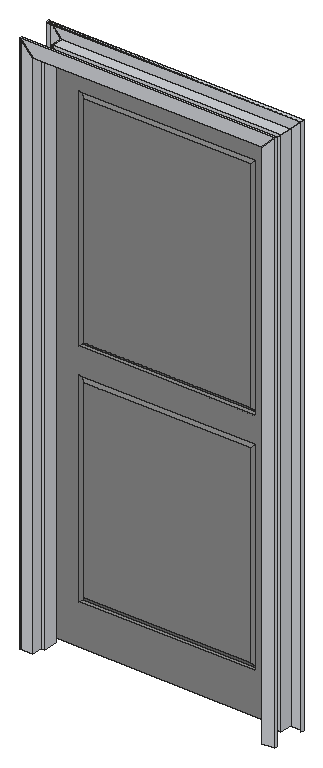
Revit family "Ext-Embossed-Door-MDMF-2-Panel-36 x 84", category Doors, host Wall, Revit 2014
Parameters (values of type "Ext-E-MDMF-2-Panel-36" x 84"")
  Width = Door Panel Width  # 3' - 0"
  Wall Thickness [instance] = 0' - 5 3/4"
  URL = ""
  Type Comments = "EXT,"
  Thickness = 0' - 1 3/4"
  Swing Angle [instance] = 90.00°
  SDI RO Spacing = 0' - 0"
  SDI Panel 1 Width = Leaf Width + 0' 0 3/16"  # 3' - 0"
  SDI No Panels = ""
  SDI HW Set [instance] = ""
  SDI HW Item LO-2 [instance] = ""
  SDI HW Item LO-1 [instance] = ""
  SDI HW Item KP-2 [instance] = ""
  SDI HW Item KP-1 [instance] = ""
  SDI HW Item HI-2 [instance] = ""
  SDI HW Item HI-1 [instance] = ""
  SDI HW Item HC-2 [instance] = ""
  SDI HW Item HC-1 [instance] = ""
  SDI HW Item ED-2 [instance] = ""
  SDI HW Item ED-1 [instance] = ""
  SDI HW Item DO-2 [instance] = ""
  SDI HW Item DO-1 [instance] = ""
  SDI HW Item CL-2 [instance] = ""
  SDI HW Item CL-1 [instance] = ""
  SDI Glass Material = Glass
  SDI Frame Type = "3 Piece"
  SDI Frame Material Type = "Hollow Metal"
  SDI Frame Material = Paint - Generic - Prime
  SDI Frame Manufacturer = ""
  SDI Frame Jamb Width = 0' - 2"
  SDI Frame Head Width = 0' - 2"
  SDI Frame Finish Type = "Painted"
  SDI Frame Finish Color = "Prime"
  SDI Frame Depth [instance] = 0' - 5 3/4"
  SDI Family Version = "1.0"
  SDI Door Top Rail Width = 0' - 7 3/4"
  SDI Door Stile Width = 0' - 6"
  SDI Door Panel Type = "N"
  SDI Door Material Type = "Hollow Metal"
  SDI Door Material = Paint - Generic - Prime
  SDI Door Manufacturer = ""
  SDI Door Glass Type = "1/4\" Tempered"
  SDI Door Finish Type = "Painted"
  SDI Door Finish Color = "Prime"
  SDI Door Configuration = "SG"
  SDI Door Bottom Rail Width = 5' - 0"
  SDI Arch Frame Type [instance] = ""
  SDI Arch Frame Material Type [instance] = "HM"
  SDI Arch Door Panel Type [instance] = "N"
  SDI Arch Door Material Type [instance] = "HM"
  Rough Width = Frame Width - 0' 0" + 2 * SDI RO Spacing  # 3' - 4"
  Rough Height = Frame Height - 0' 0" + SDI RO Spacing  # 7' - 2"
  R1 Height = 7' - 0"
  P1 Width = 3' - 2"
  Model = "Ext-E-MDMF-2-Panel-36\" x 84\""
  Manufacturer = ""
  Leaf Width = P1 Width - 0' 2 3/16"  # 2' - 11 13/16"
  Height = Door Panel Height  # 7' - 0"
  Glass Offset [instance] = 0' 2 1/16" + (SDI Frame Depth - 0' 5 3/4") / 2  # 0' - 2 1/16"
  Function = Exterior
  Frame Width = P1 Width + 0' 2"  # 3' - 4"
  Frame Offset [instance] = if(Aligned Exterior, SDI Frame Depth / 2, if(Aligned Center, Wall Thickness / 2, if(Aligned Interior, Wall Thickness - SDI Frame Depth + SDI Frame Depth / 2, Aligned Other)))  # 0' - 2 7/8"
  Frame Height = R1 Height + 0' 2"  # 7' - 2"
  Fire Rating = ""
  Exterior Glazing [instance] = no
  Door Panel Width = P1 Width - 0' 2"  # 3' - 0"
  Door Panel Height = R1 Height + 0' 2" - (0' 2")  # 7' - 0"
  Door Offset [instance] = 0' 2 13/16" + (SDI Frame Depth - 0' 5 3/4") / 2  # 0' - 2 13/16"
  Description = "Hollow Metal Door with Hollow Metal Frame 2 Panel"
  Cost = 0
  Assembly Code = "B2030120"
  Analytic Construction = "<None>"
  Aligned Other [instance] = 0' - 0"
  Aligned Interior [instance] = no
  Aligned Exterior [instance] = yes
  Aligned Center [instance] = no
  ADA Clearance Lines = no
Reference planes (in)
  plane 1: y = 0
  plane 2 "Center (Left/Right)": x = 0
  plane 3 "Wall Edge": y = 2.875
  plane 4 "Wall Interior": y = -2.875
  plane 5 "ModelRefLevel": z = 0
  plane 6 "FrameDepthPlane": y = 0
  plane 7 "FrameFront": y = 2.875
  plane 8 "FrameBack": y = -2.875
  plane 9 "V0": x = 19
  plane 10 "V1": x = -19
  plane 11 "H0": z = 1
  plane 12 "H1": z = 85
  plane 13 "DoorLeft": x = 18
  plane 14 "DoorRight": x = -18
  plane 15 "DoorCenter": x = 0
  plane 16 "DoorTop": z = 83.875
  plane 17 "DoorCenterTB": z = 41.9375
  plane 18 "DoorExtFace": y = 2.8125
  plane 19 "DoorGlassFace": y = 2.0625
  plane 20 "LockCenterLine": z = 32.5625
  plane 21 "DoorExtFace1": y = 2.0625
  plane 22 "GlassRight1": x = -11.90625
  plane 23 "ActDoorLeft": x = 17.90625
  plane 24 "SwingClrPlane": y = 62.875
  plane 25 "SwingPartialPlane": y = 50.875
  plane 26: x = -7.90625
  plane 27: x = -11.90625
  plane 28: z = 76.125
  plane 29: z = 51.125
  plane 30: z = 79
  plane 31: z = 7
  plane 32: z = 39
  plane 33: x = 13.90625
  plane 34: x = -13.90625
  plane 35: z = 43
  plane 36: z = 43
Forms (in)
  Extrusion 1, solid
    sketch origin (138.6875, 0, 43) x (-1, 0, 0) y (0, -1, 0)
      loop
        line (118.6875, -2.375) -> (118.6875, -2.875) -> (120.6875, -2.875) -> (120.6875, -0.9375) -> (121.3125, -0.9375) -> (121.3125, 1.3125) -> (120.6875, 1.3125) -> (120.6875, 2.875) -> (118.6875, 2.875) -> (118.6875, 2.4375) -> (118.75, 2.4375) -> (118.75, 2.8125) -> (120.625, 2.8125) -> (120.625, 1.25) -> (121.25, 1.25) -> (121.25, -0.875) -> (120.625, -0.875) -> (120.625, -2.8125) -> (118.75, -2.8125) -> (118.75, -2.375) -> (118.6875, -2.375)
    from -43 to 43
  Extrusion 2, void
    sketch origin (0, 2.875, 0) x (1, 0, 0) y (0, 0, 1)
      loop
        line (20, 86) -> (17.375, 86) -> (17.375, 83.375) -> (20, 86)
    from -12 to 12
  Extrusion 3, solid
    sketch origin (101.3125, 0, 43) x (-1, 0, 0) y (0, -1, 0)
      loop
        line (121.25, -2.375) -> (121.25, -2.8125) -> (119.375, -2.8125) -> (119.375, -0.875) -> (118.75, -0.875) -> (118.75, 1.25) -> (119.375, 1.25) -> (119.375, 2.8125) -> (121.25, 2.8125) -> (121.25, 2.4375) -> (121.3125, 2.4375) -> (121.3125, 2.875) -> (119.3125, 2.875) -> (119.3125, 1.3125) -> (118.6875, 1.3125) -> (118.6875, -0.9375) -> (119.3125, -0.9375) -> (119.3125, -2.875) -> (121.3125, -2.875) -> (121.3125, -2.375) -> (121.25, -2.375)
    from -43 to 43
  Extrusion 4, void
    sketch origin (0, 2.875, 0) x (1, 0, 0) y (0, 0, 1)
      loop
        line (-20, 86) -> (-17.375, 83.375) -> (-17.375, 86) -> (-20, 86)
    from -12 to 12
  Extrusion 5, solid
    sketch origin (0, 0, 84.6875) x (0, 1, 0) y (0, 0, 1)
      loop
        line (2.375, 1.25) -> (2.8125, 1.25) -> (2.8125, -0.625) -> (0.875, -0.625) -> (0.875, -1.25) -> (-1.25, -1.25) -> (-1.25, -0.625) -> (-2.8125, -0.625) -> (-2.8125, 1.25) -> (-2.4375, 1.25) -> (-2.4375, 1.3125) -> (-2.875, 1.3125) -> (-2.875, -0.6875) -> (-1.3125, -0.6875) -> (-1.3125, -1.3125) -> (0.9375, -1.3125) -> (0.9375, -0.6875) -> (2.875, -0.6875) -> (2.875, 1.3125) -> (2.375, 1.3125) -> (2.375, 1.25)
    from -20 to 20
  Extrusion 6, void
    sketch origin (0, 2.875, 0) x (1, 0, 0) y (0, 0, 1)
      loop
        line (-20, 86) -> (-20, 83.375) -> (-17.375, 83.375) -> (-20, 86)
    from -12 to 12
  Extrusion 7, void
    sketch origin (0, 2.875, 0) x (1, 0, 0) y (0, 0, 1)
      loop
        line (20, 86) -> (17.375, 83.375) -> (20, 83.375) -> (20, 86)
    from -12 to 12
  Extrusion 8, solid, material "Paint - Generic - Prime" <- "SDI Door Material"
    sketch origin (-60, 2.8125, -12) x (1, 0, 0) y (0, 0, 1)
      loop
        line (77.90625, 12.625) -> (77.90625, 95.875) -> (42.09375, 95.875) -> (42.09375, 12.625) -> (77.90625, 12.625)
    from 0 to 1.75
  Sweep 9, void
    path origin (0, 2.875, 0) x (1, 0, 0) y (0, 0, 1)
      loop
        line (13.90625, 79) -> (-13.90625, 79) -> (-13.90625, 43) -> (13.90625, 43) -> (13.90625, 79)
    profile origin (13.90625, 2.875, 61) x (0, -1, 0) y (1, 0, 0)
      loop
        line (0, 0) -> (0, -0.92134) -> (0.5, -0.23315) -> (0, 0)
      loop
        line (1.875, 0) -> (1.375, -0.23315) -> (1.875, -0.92134) -> (1.875, 0)
  Sweep 10, void
    path origin (0, 2.875, 0) x (1, 0, 0) y (0, 0, 1)
      loop
        line (13.90625, 39) -> (-13.90625, 39) -> (-13.90625, 7) -> (13.90625, 7) -> (13.90625, 39)
    profile origin (13.90625, 2.875, 23) x (0, -1, 0) y (1, 0, 0)
      loop
        line (0, 0) -> (0, -0.92134) -> (0.5, -0.23315) -> (0, 0)
      loop
        line (1.875, 0) -> (1.375, -0.23315) -> (1.875, -0.92134) -> (1.875, 0)
Cuts and joins
  Extrusion 2 cuts Extrusion 1
  Extrusion 4 cuts Extrusion 3
  Extrusion 6, Extrusion 7 cuts Extrusion 5
  Sweep 9, Sweep 10 cuts Extrusion 8
Lines and regions (in)
  Opening 1
    outline origin (-60, -2.875, 0) x (1, 0, 0) y (0, 0, 1)
      loop
        line (80, 0) -> (80, 86) -> (40, 86) -> (40, 0) -> (80, 0)
  symbolic lines, style "DoorsFrameMullionProjection", detail levels fine
    curve 1: line (20, 2.375, 0) -> (20, 2.875, 0)
    curve 2: line (20, 2.875, 0) -> (18, 2.875, 0)
    curve 3: line (18, 2.875, 0) -> (18, 0.9375, 0)
    curve 4: line (18, 0.9375, 0) -> (17.375, 0.9375, 0)
    curve 5: line (17.375, 0.9375, 0) -> (17.375, -1.3125, 0)
    curve 6: line (17.375, -1.3125, 0) -> (18, -1.3125, 0)
    curve 7: line (18, -1.3125, 0) -> (18, -2.875, 0)
    curve 8: line (18, -2.875, 0) -> (20, -2.875, 0)
    curve 9: line (20, -2.875, 0) -> (20, -2.4375, 0)
    curve 10: line (20, -2.4375, 0) -> (19.9375, -2.4375, 0)
    curve 11: line (19.9375, -2.4375, 0) -> (19.9375, -2.8125, 0)
    curve 12: line (19.9375, -2.8125, 0) -> (18.0625, -2.8125, 0)
    curve 13: line (18.0625, -2.8125, 0) -> (18.0625, -1.25, 0)
    curve 14: line (18.0625, -1.25, 0) -> (17.4375, -1.25, 0)
    curve 15: line (17.4375, -1.25, 0) -> (17.4375, 0.875, 0)
    curve 16: line (17.4375, 0.875, 0) -> (18.0625, 0.875, 0)
    curve 17: line (18.0625, 0.875, 0) -> (18.0625, 2.8125, 0)
    curve 18: line (18.0625, 2.8125, 0) -> (19.9375, 2.8125, 0)
    curve 19: line (19.9375, 2.8125, 0) -> (19.9375, 2.375, 0)
    curve 20: line (19.9375, 2.375, 0) -> (20, 2.375, 0)
    curve 25: line (-19.9375, 2.375, 0) -> (-19.9375, 2.8125, 0)
    curve 26: line (-19.9375, 2.8125, 0) -> (-18.0625, 2.8125, 0)
    curve 27: line (-18.0625, 2.8125, 0) -> (-18.0625, 0.875, 0)
    curve 28: line (-18.0625, 0.875, 0) -> (-17.4375, 0.875, 0)
    curve 29: line (-17.4375, 0.875, 0) -> (-17.4375, -1.25, 0)
    curve 30: line (-17.4375, -1.25, 0) -> (-18.0625, -1.25, 0)
    curve 31: line (-18.0625, -1.25, 0) -> (-18.0625, -2.8125, 0)
    curve 32: line (-18.0625, -2.8125, 0) -> (-19.9375, -2.8125, 0)
    curve 33: line (-19.9375, -2.8125, 0) -> (-19.9375, -2.4375, 0)
    curve 34: line (-19.9375, -2.4375, 0) -> (-20, -2.4375, 0)
    curve 35: line (-20, -2.4375, 0) -> (-20, -2.875, 0)
    curve 36: line (-20, -2.875, 0) -> (-18, -2.875, 0)
    curve 37: line (-18, -2.875, 0) -> (-18, -1.3125, 0)
    curve 38: line (-18, -1.3125, 0) -> (-17.375, -1.3125, 0)
    curve 39: line (-17.375, -1.3125, 0) -> (-17.375, 0.9375, 0)
    curve 40: line (-17.375, 0.9375, 0) -> (-18, 0.9375, 0)
    curve 41: line (-18, 0.9375, 0) -> (-18, 2.875, 0)
    curve 42: line (-18, 2.875, 0) -> (-20, 2.875, 0)
    curve 43: line (-20, 2.875, 0) -> (-20, 2.375, 0)
    curve 44: line (-20, 2.375, 0) -> (-19.9375, 2.375, 0)
  symbolic lines, style "DoorsFrameMullionProjection", detail levels coarse+medium
    curve 21: line (18, -2.875, 0) -> (20, -2.875, 0)
    curve 22: line (18, 2.875, 0) -> (20, 2.875, 0)
    curve 23: line (18, -2.875, 0) -> (18, 2.875, 0)
    curve 24: line (20, -2.875, 0) -> (20, 2.875, 0)
    curve 45: line (-20, -2.875, 0) -> (-18, -2.875, 0)
    curve 46: line (-20, 2.875, 0) -> (-18, 2.875, 0)
    curve 47: line (-20, -2.875, 0) -> (-20, 2.875, 0)
    curve 48: line (-18, -2.875, 0) -> (-18, 2.875, 0)
  symbolic lines, style "Elevation Swing"
    curve 49: line (-17.90625, 2.875, 83.875) -> (17.90625, 2.875, 41.9375)
    curve 50: line (-17.90625, 2.875, 0) -> (17.90625, 2.875, 41.9375)
  symbolic lines, style "ADA Clearance", visible <- "ADA Clearance Lines"
    curve 51: line (20, 2.875, 0) -> (20, 62.875, 0)
    curve 52: line (-36, 62.875, 0) -> (20, 62.875, 0)
    curve 53: line (-36, 50.875, 0) -> (20, 50.875, 0)
    curve 54: line (-36, 2.875, 0) -> (-36, 62.875, 0)
    curve 55: line (20, -2.875, 0) -> (20, -50.875, 0)
    curve 56: line (-30, -50.875, 0) -> (20, -50.875, 0)
    curve 57: line (-30, -2.875, 0) -> (-30, -50.875, 0)
Text (in)
  text "Placement Side" at (0, 40.15149, 123.01588), in view "Right"
  text "Placement Side" at (-70.3804, 28.46503, 0), in view "Ref. Level"
  text "Placement Side" at (0, 81.62555, 140.59947), in view "Left"
Dimensions and locks (in)
  locked: plane 3 "Wall Edge" to host wall
  equal spacing: host wall, plane 2 "Center (Left/Right)", host wall
  "Rough Width": host wall to host wall
  "Rough Height": level to host wall
  equal spacing: plane 3 "Wall Edge", plane 1, plane 4 "Wall Interior"
  "Wall Thickness": host wall to host wall
  "Frame Offset": plane 3 "Wall Edge" to plane 6 "FrameDepthPlane"
  equal spacing: plane 7 "FrameFront", plane 6 "FrameDepthPlane", plane 8 "FrameBack"
  "SDI Frame Depth": plane 7 "FrameFront" to plane 8 "FrameBack"
  equal spacing: plane 9 "V0", plane 2 "Center (Left/Right)", plane 10 "V1"
  "P1 Width": plane 9 "V0" to plane 10 "V1"
  "R1 Height": plane 11 "H0" to plane 12 "H1"
  locked: plane 12 "H1" to Extrusion 1 at 1
  locked: plane 11 "H0" to Extrusion 1 at 1
  locked: plane 9 "V0" to Extrusion 1 at 1  (x4)
  locked: plane 9 "V0" to Extrusion 1 at 0.9375  (x5)
  locked: plane 9 "V0" to Extrusion 1 at 1.5625
  locked: plane 9 "V0" to Extrusion 1 at 1.625
  locked: plane 12 "H1" to Extrusion 3 at 1
  locked: plane 11 "H0" to Extrusion 3 at 1
  locked: plane 10 "V1" to Extrusion 3 at 0.9375  (x4)
  locked: plane 10 "V1" to Extrusion 3 at 1  (x5)
  locked: plane 10 "V1" to Extrusion 3 at 1.625
  locked: plane 10 "V1" to Extrusion 3 at 1.5625
  locked: plane 9 "V0" to Extrusion 5 at 1
  locked: plane 10 "V1" to Extrusion 5 at 1
  locked: plane 12 "H1" to Extrusion 5 at 0.9375  (x5)
  locked: plane 12 "H1" to Extrusion 5 at 1.5625
  locked: plane 12 "H1" to Extrusion 5 at 1  (x4)
  locked: plane 12 "H1" to Extrusion 5 at 1.625
  locked: plane 7 "FrameFront" to cut or joined group of Extrusion 1, Extrusion 2 at 1.9375
  locked: plane 7 "FrameFront" to cut or joined group of Extrusion 1, Extrusion 2 at 2
  locked: plane 7 "FrameFront" to cut or joined group of Extrusion 1, Extrusion 2 at 0.0625
  locked: plane 7 "FrameFront" to cut or joined group of Extrusion 1, Extrusion 2 at 0.5
  locked: plane 8 "FrameBack" to cut or joined group of Extrusion 1, Extrusion 2 at 1.5625
  locked: plane 8 "FrameBack" to cut or joined group of Extrusion 1, Extrusion 2 at 0.4375
  locked: plane 8 "FrameBack" to cut or joined group of Extrusion 1, Extrusion 2 at 0.0625
  locked: plane 8 "FrameBack" to cut or joined group of Extrusion 1, Extrusion 2 at 1.625
  locked: plane 7 "FrameFront" to cut or joined group of Extrusion 3, Extrusion 4 at 0.0625
  locked: plane 7 "FrameFront" to cut or joined group of Extrusion 3, Extrusion 4 at 2
  locked: plane 7 "FrameFront" to cut or joined group of Extrusion 3, Extrusion 4 at 1.9375
  locked: plane 7 "FrameFront" to cut or joined group of Extrusion 3, Extrusion 4 at 0.5
  locked: plane 8 "FrameBack" to cut or joined group of Extrusion 3, Extrusion 4 at 1.625
  locked: plane 8 "FrameBack" to cut or joined group of Extrusion 3, Extrusion 4 at 0.0625
  locked: plane 8 "FrameBack" to cut or joined group of Extrusion 3, Extrusion 4 at 0.4375
  locked: plane 8 "FrameBack" to cut or joined group of Extrusion 3, Extrusion 4 at 1.5625
  locked: plane 7 "FrameFront" to cut or joined group of Extrusion 5, Extrusion 6, Extrusion 7 at 0.0625
  locked: plane 7 "FrameFront" to cut or joined group of Extrusion 5, Extrusion 6, Extrusion 7 at 2
  locked: plane 7 "FrameFront" to cut or joined group of Extrusion 5, Extrusion 6, Extrusion 7 at 1.9375
  locked: plane 7 "FrameFront" to cut or joined group of Extrusion 5, Extrusion 6, Extrusion 7 at 0.5
  locked: plane 8 "FrameBack" to cut or joined group of Extrusion 5, Extrusion 6, Extrusion 7 at 1.625
  locked: plane 8 "FrameBack" to cut or joined group of Extrusion 5, Extrusion 6, Extrusion 7 at 0.0625
  locked: plane 8 "FrameBack" to cut or joined group of Extrusion 5, Extrusion 6, Extrusion 7 at 0.4375
  locked: plane 8 "FrameBack" to cut or joined group of Extrusion 5, Extrusion 6, Extrusion 7 at 1.5625
  locked: plane 7 "FrameFront" to curve 4 at 1.9375
  locked: plane 7 "FrameFront" to curve 16 at 2
  locked: plane 7 "FrameFront" to curve 18 at 0.0625
  locked: plane 7 "FrameFront" to curve 20 at 0.5
  locked: plane 7 "FrameFront" to curve 26 at 0.0625
  locked: plane 7 "FrameFront" to curve 28 at 2
  locked: plane 7 "FrameFront" to curve 40 at 1.9375
  locked: plane 7 "FrameFront" to curve 44 at 0.5
  locked: plane 8 "FrameBack" to curve 6 at 1.5625
  locked: plane 8 "FrameBack" to curve 10 at 0.4375
  locked: plane 8 "FrameBack" to curve 12 at 0.0625
  locked: plane 8 "FrameBack" to curve 14 at 1.625
  locked: plane 8 "FrameBack" to curve 30 at 1.625
  locked: plane 8 "FrameBack" to curve 32 at 0.0625
  locked: plane 8 "FrameBack" to curve 34 at 0.4375
  locked: plane 8 "FrameBack" to curve 38 at 1.5625
  locked: plane 9 "V0" to plane 13 "DoorLeft" at 1
  locked: plane 10 "V1" to plane 14 "DoorRight" at 1
  locked: plane 12 "H1" to plane 16 "DoorTop" at 1.125
  equal spacing: plane 16 "DoorTop", plane 17 "DoorCenterTB", plane 5 "ModelRefLevel"
  "Door Offset": plane 6 "FrameDepthPlane" to plane 18 "DoorExtFace"
  "Glass Offset": plane 6 "FrameDepthPlane" to plane 19 "DoorGlassFace"
  plane 20 "LockCenterLine" to plane 5 "ModelRefLevel" = 2' - 8 9/16"
  locked: Extrusion 8 to Extrusion 8 at 1.75
  locked: plane 6 "FrameDepthPlane" to plane 21 "DoorExtFace1" at 2.0625
  locked: plane 14 "DoorRight" to plane 22 "GlassRight1" at 6.09375
  locked: plane 13 "DoorLeft" to Extrusion 8 at 0.09375
  locked: plane 14 "DoorRight" to Extrusion 8 at 0.09375
  locked: plane 5 "ModelRefLevel" to Extrusion 8 at 0.625
  locked: plane 13 "DoorLeft" to plane 23 "ActDoorLeft" at 0.09375
  locked: plane 3 "Wall Edge" to plane 24 "SwingClrPlane" at 60
  locked: plane 3 "Wall Edge" to plane 25 "SwingPartialPlane" at 48
  locked: plane 27 to plane 14 "DoorRight" at 6.09375
  plane 26 to plane 27 = 0' - 4"
  locked: plane 29 to plane 28 at 25
  locked: plane 28 to plane 12 "H1" at 8.875
  locked: plane 30 to plane 12 "H1" at 6
  locked: plane 11 "H0" to plane 31 at 6
  locked: plane 23 "ActDoorLeft" to plane 33 at 4
  locked: plane 34 to plane 14 "DoorRight" at 4.09375
  locked: plane 32 to plane 35 at 4
  locked: plane 36 to plane 35
  equal spacing: plane 31, plane 36, plane 30
  aligned and locked: plane 4 "Wall Interior" to host wall
  aligned and locked: cut or joined group of Extrusion 1, Extrusion 2 to plane 7 "FrameFront"
  aligned and locked: plane 8 "FrameBack" to cut or joined group of Extrusion 1, Extrusion 2
  aligned and locked: cut or joined group of Extrusion 3, Extrusion 4 to plane 7 "FrameFront"
  aligned and locked: plane 8 "FrameBack" to cut or joined group of Extrusion 3, Extrusion 4
  aligned and locked: cut or joined group of Extrusion 5, Extrusion 6, Extrusion 7 to plane 7 "FrameFront"
  aligned and locked: plane 8 "FrameBack" to cut or joined group of Extrusion 5, Extrusion 6, Extrusion 7
  aligned and locked: curve 2 to plane 7 "FrameFront"
  aligned and locked: plane 7 "FrameFront" to curve 22
  aligned and locked: curve 42 to plane 7 "FrameFront"
  aligned and locked: plane 7 "FrameFront" to curve 46
  aligned and locked: plane 8 "FrameBack" to curve 8
  aligned and locked: plane 8 "FrameBack" to curve 36
  aligned and locked: Extrusion 8 to plane 18 "DoorExtFace"
  aligned and locked: Extrusion 8 to plane 16 "DoorTop"
  aligned and locked: plane 7 "FrameFront" to nested 1
  aligned and locked: plane 23 "ActDoorLeft" to nested 1
  aligned and locked: plane 24 "SwingClrPlane" to curve 52
  aligned and locked: plane 25 "SwingPartialPlane" to curve 53
  aligned and locked: Sweep 9 sketch curve to plane 30
  aligned and locked: Sweep 9 sketch curve to plane 33
  aligned and locked: Sweep 9 sketch curve to plane 34
  aligned and locked: Sweep 10 sketch curve to plane 31
  aligned and locked: Sweep 10 sketch curve to plane 32
  aligned and locked: Sweep 10 sketch curve to plane 33
  aligned and locked: Sweep 10 sketch curve to plane 34
  aligned and locked: Sweep 9 sketch curve to plane 35
Automatic sketch dimensions
  Opening 1 sketch curve to level = 0' - 0"
  Opening 1 sketch curve to plane 2 "Center (Left/Right)" = 1' - 8"
  plane 2 "Center (Left/Right)" to Opening 1 sketch curve = 1' - 8"
  level to Opening 1 sketch curve = 7' - 2"
  Extrusion 2 sketch curve to plane 9 "V0" = 0' - 1 5/8"
  plane 9 "V0" to Extrusion 2 sketch curve = 0' - 1"
  plane 12 "H1" to Extrusion 2 sketch curve = 0' - 1 5/8"
  Extrusion 2 sketch curve to plane 12 "H1" = 0' - 1"
  Extrusion 1 sketch curve to host wall = 0' - 0"
  host wall to Extrusion 1 sketch curve = 0' - 0"
  Extrusion 1 sketch curve to host wall = 0' - 0 1/2"
  plane 2 "Center (Left/Right)" to Extrusion 1 sketch curve = 1' - 8"  (x2)
  Extrusion 1 sketch curve to host wall = 0' - 0 7/16"
  Extrusion 1 sketch curve to Extrusion 1 sketch curve = 0' - 0 1/16"  (x7)
  plane 2 "Center (Left/Right)" to Extrusion 1 sketch curve = 1' - 6 1/16"  (x2)
  Extrusion 1 sketch curve to host wall = 0' - 0 1/16"  (x2)
  Extrusion 1 sketch curve to Extrusion 1 sketch curve = 0' - 0 9/16"
  Extrusion 1 sketch curve to host wall = 0' - 0 15/16"
  host wall to Extrusion 1 sketch curve = 0' - 1 1/4"
  plane 9 "V0" to curve 1 = 0' - 1"
  curve 6 to curve 5 = 0' - 0 5/8"
  curve 7 to plane 9 "V0" = 0' - 1"
  curve 9 to curve 10 = 0' - 0 1/16"
  curve 12 to curve 7 = 0' - 0 1/16"
  curve 14 to curve 5 = 0' - 0 1/16"
  curve 16 to curve 3 = 0' - 0 1/16"
  curve 1 to curve 18 = 0' - 0 1/16"
  Extrusion 4 sketch curve to plane 10 "V1" = 0' - 1"
  plane 10 "V1" to Extrusion 4 sketch curve = 0' - 1 5/8"
  plane 12 "H1" to Extrusion 4 sketch curve = 0' - 1 5/8"
  Extrusion 4 sketch curve to plane 12 "H1" = 0' - 1"
  host wall to Extrusion 3 sketch curve = 0' - 0"
  Extrusion 3 sketch curve to host wall = 0' - 0"
  Extrusion 3 sketch curve to plane 2 "Center (Left/Right)" = 1' - 5 3/8"
  Extrusion 3 sketch curve to Extrusion 3 sketch curve = 0' - 0 1/16"  (x7)
  Extrusion 3 sketch curve to Extrusion 3 sketch curve = 0' - 0 9/16"  (x2)
  Extrusion 3 sketch curve to host wall = 0' - 0 7/16"
  Extrusion 3 sketch curve to plane 2 "Center (Left/Right)" = 1' - 7 15/16"  (x2)
  Extrusion 3 sketch curve to host wall = 0' - 0 1/2"
  Extrusion 3 sketch curve to host wall = 0' - 0 1/16"  (x2)
  Extrusion 3 sketch curve to host wall = 0' - 0 15/16"
  host wall to Extrusion 3 sketch curve = 0' - 1 1/4"
  plane 10 "V1" to curve 26 = 0' - 0 15/16"
  curve 29 to curve 30 = 0' - 0 5/8"
  curve 32 to plane 10 "V1" = 0' - 0 15/16"
  curve 33 to curve 34 = 0' - 0 1/16"
  curve 36 to curve 31 = 0' - 0 1/16"
  curve 38 to curve 29 = 0' - 0 1/16"
  curve 40 to curve 27 = 0' - 0 1/16"
  curve 25 to curve 42 = 0' - 0 1/16"
  Extrusion 6 sketch curve to plane 10 "V1" = 0' - 1"
  plane 10 "V1" to Extrusion 6 sketch curve = 0' - 1 5/8"
  plane 12 "H1" to Extrusion 6 sketch curve = 0' - 1 5/8"
  Extrusion 6 sketch curve to plane 12 "H1" = 0' - 1"
  Extrusion 7 sketch curve to plane 9 "V0" = 0' - 1 5/8"
  plane 9 "V0" to Extrusion 7 sketch curve = 0' - 1"
  plane 12 "H1" to Extrusion 7 sketch curve = 0' - 1 5/8"
  Extrusion 7 sketch curve to plane 12 "H1" = 0' - 1"
  Extrusion 5 sketch curve to host wall = 0' - 0"  (x2)
  Extrusion 5 sketch curve to host wall = 0' - 0 1/16"  (x2)
  Extrusion 5 sketch curve to Extrusion 5 sketch curve = 0' - 0 3/8"
  host wall to Extrusion 5 sketch curve = 0' - 1 5/16"
  Extrusion 5 sketch curve to Extrusion 5 sketch curve = 0' - 0 1/16"  (x7)
  Extrusion 5 sketch curve to host wall = 0' - 0 7/8"
  Extrusion 5 sketch curve to host wall = 0' - 0 1/2"
  level to Extrusion 5 sketch curve = 6' - 11 3/8"
  Extrusion 5 sketch curve to Extrusion 5 sketch curve = 0' - 0 9/16"  (x2)
  Extrusion 5 sketch curve to plane 11 "H0" = 7' - 0 15/16"  (x2)
  Extrusion 8 sketch curve to plane 16 "DoorTop" = 0' - 0"
  plane 14 "DoorRight" to Extrusion 8 sketch curve = 0' - 0 3/32"
  Extrusion 8 sketch curve to plane 13 "DoorLeft" = 0' - 0 3/32"
  plane 11 "H0" to Extrusion 8 sketch curve = 0' - 0 3/8"
  curve 49 to plane 16 "DoorTop" = 0' - 0"
  curve 49 to plane 17 "DoorCenterTB" = 0' - 0"
  plane 14 "DoorRight" to curve 49 = 0' - 0 3/32"
  curve 50 to level = 0' - 0"
  curve 50 to plane 23 "ActDoorLeft" = 0' - 0"
  plane 14 "DoorRight" to curve 50 = 0' - 0 3/32"
  curve 51 to host wall = 0' - 0"
  plane 9 "V0" to curve 51 = 0' - 1"
  curve 54 to host wall = 0' - 0"
  host wall to curve 55 = 0' - 0"
  plane 9 "V0" to curve 55 = 0' - 1"
  host wall to curve 55 = 4' - 0"
  curve 56 to plane 10 "V1" = 0' - 11"
  host wall to curve 57 = 0' - 0"
  curve 57 to curve 54 = 0' - 6"
  profile plane to Sweep 9 sketch curve = 0' - 0"
  profile plane to Sweep 9 sketch curve = 0' - 0.23315"  (x2)
  profile plane to Sweep 9 sketch curve = 0' - 0 1/2"
  Sweep 9 sketch curve to Sweep 9 sketch curve = 0' - 0 7/8"
  Sweep 9 sketch curve to Sweep 9 sketch curve = 0' - 0 1/2"
  profile plane to Sweep 9 sketch curve = 0' - 0.92134"  (x2)
  Sweep 9 sketch curve to profile plane = 0' - 0"  (x2)
  profile plane to Sweep 10 sketch curve = 0' - 0"
  profile plane to Sweep 10 sketch curve = 0' - 0.23315"  (x2)
  profile plane to Sweep 10 sketch curve = 0' - 0 1/2"
  Sweep 10 sketch curve to Sweep 10 sketch curve = 0' - 0 7/8"
  Sweep 10 sketch curve to Sweep 10 sketch curve = 0' - 0 1/2"
  profile plane to Sweep 10 sketch curve = 0' - 0.92134"  (x2)
  Sweep 10 sketch curve to profile plane = 0' - 0"  (x2)
Nested families (in)
  nested 1: "SingleDoorPlanLines" at (17.90625, 2.875, 0.625), type "SingleDoorPlanLines"
Definition of nested family "SingleDoorPlanLines"
  Parameters (values of type "SingleDoorPlanLines")
    Width = 3' - 0"
    URL = ""
    Thickness = 0' - 1 3/4"
    Analytic Construction = "<None>"
    Swing Angle = 90.00°
  Reference planes (in)
    plane 1 "Front": y = 0
    plane 2: z = 0
    plane 3 "Right": x = 0
    plane 4 "Left": x = -36
  Lines and regions (in)
    symbolic lines, style "DoorsPanelProjection"
      curve 1: line (0, 0, 0) -> (0, 36, 0)
      curve 2: line (0, 36, 0) -> (-1.75, 36, 0)
      curve 3: line (-1.75, 36, 0) -> (-1.75, 0, 0)
      curve 4: line (-1.75, 0, 0) -> (0, 0, 0)
    model lines, style "InvisibleLines", not visible
      curve 5: line (0, 0, 0) -> (-38.99851, -0.34033, 0)
    symbolic lines, style "Plan Swing"
      curve 6: arc (-35.99863, -0.31416, 0) -> (-25.56667, 25.34453, 0) -> (0, 36, 0) r 36
  Dimensions and locks (in)
    "Thickness": curve 3 to curve 1
    "Width": curve 2 to curve 4
    "Width": plane 4 "Left" to plane 3 "Right"
    "Swing Angle": angle curve 1 to plane 1 "Front"
    locked: plane 1 "Front" to curve 5 (angle 0.50°)
  Automatic sketch dimensions
    curve 6 to plane 1 "Front" = 0' - 0"
    curve 6 to plane 3 "Right" = 0' - 0"
    curve 4 to plane 1 "Front" = 0' - 0"
    curve 4 to plane 3 "Right" = 0' - 0"
